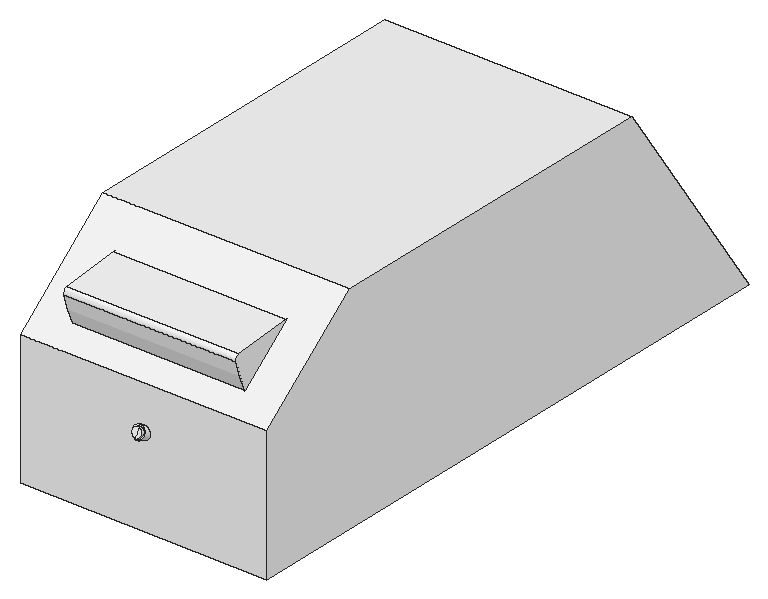
Revit family "NBS_DudleyIndustriesLimited_SoapDpnsrs_AntiLigature_1LitreSoapDispenser", category Specialty Equipment, host Face, Revit 2017
Family settings
  Host = Face
  Round Connector Dimension = Use Diameter
  Part Type = Normal
  Cut with Voids When Loaded = No
  Shared = No
  Room Calculation Point = No
Parameters (values of type "AntiLigature_1 LitreSoapDispenser")
  Weight = "1.8 kg"
  WarrantyStartDate [instance] = "1900-12-31T23:59:59"
  WarrantyGuarantorParts = "n/a"
  WarrantyGuarantorLabor = "n/a"
  WarrantyDurationUnit = "year"
  WarrantyDurationParts = "n/a"
  WarrantyDurationLabor = "n/a"
  WarrantyDescription = "n/a"
  Version = "1"  # constant formula
  Uniclass2015Version = "Products v1.11"
  Uniclass2015Title = "Soap dispensers"
  Uniclass2015Code = "Pr_40_70_22_81"
  TagNumber [instance] = "n/a"
  SustainabilityPerformance = "n/a"
  Status = "UNSET"
  Size = "115 x 281 x 99 mm"
  Shape = "Rectangle"
  SerialNumber [instance] = "n/a"
  Revision = "n/a"
  ReplacementCost = "n/a"
  Reference = "n/a"
  ProductInformation = "http://dudleyindustries.com/wp-content/uploads/2017/10/Anti-Ligature-1-Litre-Liquid-Soap-Dispenser.pdf"
  PackingPallet = "150 pieces"
  PackingCarton = "1 piece"
  Operation = "Manual push operation"
  NozzleMaterial = NBS_Concept
  NominalWidth = 191 mm
  NominalLength = 0 mm
  NominalHeight = 281 mm
  NominalDepth = 99 mm
  Name = "SoapDispensers_Anti-Ligature:1LitreSoapDispenser_DudleyIndustriesLimited"
  NBSReference = "45-35-72/358"
  NBSDescription = "Soap dispensers"
  NBSCertification = "www.nationalbimlibrary.com/cert/w14r0ozi"
  ModelReference = "Anti-Ligature: 1 Litre Soap Dispenser"
  ModelNumber = "50060SS"
  MaterialsBody = "Stainless steel"
  Material = "Stainless steel"
  ManufacturerURL = "https://www.dudleyindustries.com/"
  ManufacturerName = "Dudley Industries Limited"  # constant formula
  Manufacturer = "sales@dudleyindustries.com"  # constant formula
  IntegralAccessories = "n/a"
  InstallationDate [instance] = "1900-12-31T23:59:59"
  IfcExportType = "UNDEFINED"  # constant formula
  IfcExportAs = "IfcSanitaryTerminalType"  # constant formula
  HandPushMaterial = NBS_Concept
  Grade = "n/a"
  Form = "Wall mounted"
  Finish = "Brushed"
  Features = "No sharp edges or corners, robust and durable, works in conjunction with the Wall Plates 50062SS(brished stainless steel) 50062BL (blue) and 50062WH (white) to provide an anti-ligature solution for high risk areas"
  ExpectedLife = "n/a"
  DurationUnit = "year"
  DispenserCasingMaterial = NBS_Concept
  Description = "1 litre soap dispenser"
  Default Elevation = 1200 mm
  Constituents = "n/a"
  Color = "Chrome"
  CodePerformance = "n/a"
  Category = "Pr_40_70_22_81:Soap dispensers"
  BarCode [instance] = "n/a"
  BIMObjectName = "NBS_DudleyIndustriesLimited_SoapDispensers_AntiLigature_1LitreSoapDispenser"
  Author = "NBS"  # constant formula
  AssetType = "Fixed"
  AssetIdentifier [instance] = "n/a"
  AccessibilityPerformance = "n/a"
Reference planes
  plane 1: y = 0
  plane 2: z = 0
  plane 3 "Center (Left/Right)": x = 0
  plane 4 "Top": y = 132.723
  plane 5 "Bottom": y = -147.277
  plane 6: y = 64.707
  plane 7: y = -98.93
  plane 8: y = -113.93
  plane 9 "Left": x = -57.4
  plane 10 "Right": x = 57.4
  plane 11: through (0, -149.332, 44.625) normal (0, -0.9397, 0.342)
  plane 12 "Front": z = 100
Forms (mm)
  Blend 1, solid, material "NBS_Concept" <- "DispenserCasingMaterial"
    base sketch origin (0, 0, 0) x (1, 0, 0) y (0, 1, 0)
      loop
        line (-57.4, 132.723) -> (-57.4, -147.277) -> (57.4, -147.277) -> (57.4, 132.723) -> (-57.4, 132.723)
    top sketch origin (0, 0, 0) x (1, 0, 0) y (0, 1, 0)
      loop
        line (-57.4, -147.277) -> (57.4, -147.277) -> (57.4, 64.707) -> (-57.4, 64.707) -> (-57.4, -147.277)
    from 0 to 100
  Extrusion 2, void
    sketch origin (-57.4, -9.349, 9.57) x (0, 1, 0) y (0, 0, 1)
      loop
        line (-137.928, 90.4) -> (-137.928, 52.4) -> (-89.928, 90.4) -> (-137.928, 90.4)
    from 0 to 114.8
  Extrusion 3, solid, material "NBS_Concept" <- "HandPushMaterial"
    sketch origin (0, 0.244, 9.492) x (0, 1, 0) y (0, 0, 1)
      loop
        line (-114.173, 78.607) -> (-142.017, 75.991)
        arc (-142.017, 75.991) -> (-143.425, 75.205) -> (-143.796, 73.636) r 2
        arc (-143.796, 73.636) -> (-141.74, 66.27) -> (-138.516, 59.335) r 47
        line (-138.516, 59.335) -> (-114.173, 78.607)
    from -40 to 40
  Revolve 4, solid, material "NBS_Concept" <- "NozzleMaterial", detail levels fine
    sketch origin (0, -137.808, 38.054) x (0, -0.939693, 0.34202) y (0, -0.34202, -0.939693)
      loop
        line (13.076, -3) -> (13.076, 0) -> (8.809, 0) -> (8.809, -3) -> (13.076, -3)
      axis (13.076, 0) -> (8.809, 0)
    angle from 0 to 360
  Revolve 5, solid, material "NBS_Concept" <- "NozzleMaterial", detail levels fine
    sketch origin (0, -137.808, 38.054) x (0, -0.939693, 0.34202) y (0, -0.34202, -0.939693)
      loop
        line (13.076, 0) -> (13.076, -2.234) -> (14.076, -2.234) -> (14.076, 0) -> (13.076, 0)
      axis (13.076, 0) -> (14.076, 0)
    angle from 0 to 360
Cuts and joins
  Extrusion 2 cuts Blend 1
Dimensions and locks
  aligned and locked: plane 2 to host face
  aligned and locked: level to host face
  aligned and locked: plane 8 to Extrusion 3
